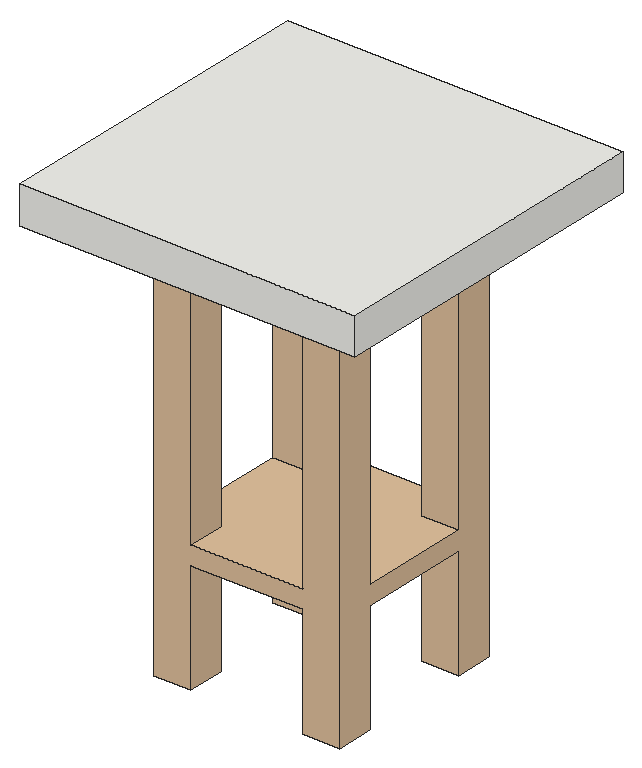
Revit family
Parameters (values of type "0457 x 0457 x 0610mm")
  Base Material = Wood - Birch
  Depth = 457.00 mm
  Height = 610.00 mm
  Top Material = Laminate - Ivory, Matte
  Width = 457.00 mm
Types (3, lengths in mm): name | Depth | Height | Width
  (no name) | 457.00 | 610.00 | 457.00
  0610 x 0610 x 0762mm | 610.00 | 762.00 | 610.00
  0457 x 0457 x 0610mm | 457.00 | 610.00 | 457.00
Reference planes
  plane 1: y = 0
  plane 2: z = 0
  plane 3: x = 3.734
  plane 4: x = 460.734
  plane 5: y = 457
  plane 6: y = 228.5
  plane 7: x = 232.234
  plane 8: z = 610
  plane 9: z = 559.2
Forms (mm)
  Extrusion 1, solid, material "Laminate - Ivory, Matte" <- "Top Material"
    sketch origin (0, 0, 0) x (1, 0, 0) y (0, 1, 0)
      loop
        line (3.734, 0) -> (460.734, 0) -> (460.734, 457) -> (3.734, 457) -> (3.734, 0)
    from 559.2 to 610
  Extrusion 2, solid, material "Wood - Birch" <- "Base Material"
    sketch origin (0, 0, 0) x (1, 0, 0) y (0, 1, 0)
      loop
        line (105.334, 355.4) -> (105.334, 304.6) -> (156.134, 304.6) -> (156.134, 355.4) -> (105.334, 355.4)
      loop
        line (105.334, 152.4) -> (105.334, 101.6) -> (156.134, 101.6) -> (156.134, 152.4) -> (105.334, 152.4)
      loop
        line (308.334, 355.4) -> (308.334, 304.6) -> (359.134, 304.6) -> (359.134, 355.4) -> (308.334, 355.4)
      loop
        line (308.334, 152.4) -> (308.334, 101.6) -> (359.134, 101.6) -> (359.134, 152.4) -> (308.334, 152.4)
    from 0 to 559.2
  Extrusion 3, solid, material "Wood - Birch" <- "Base Material"
    sketch origin (0, 0, 0) x (1, 0, 0) y (0, 1, 0)
      loop
        line (308.334, 355.4) -> (156.134, 355.4) -> (156.134, 304.6) -> (105.334, 304.6) -> (105.334, 152.4) -> (156.134, 152.4) -> (156.134, 101.6) -> (308.334, 101.6) -> (308.334, 152.4) -> (359.134, 152.4) -> (359.134, 304.6) -> (308.334, 304.6) -> (308.334, 355.4)
    from 152.4 to 177.8
Cuts and joins
  joined: Extrusion 2, Extrusion 3
Lines and regions (mm)
  Masking region 1
    outline origin (0, 0, 0) x (1, 0, 0) y (0, 1, 0)
      loop
        line (3.734, 457) -> (3.734, 0) -> (460.734, 0) -> (460.734, 457) -> (3.734, 457)
Dimensions and locks
  locked: Extrusion 1 to Extrusion 1 at 50.8
  locked: Extrusion 1 to Extrusion 2 sketch curve at 101.6  (x4)
  locked: Extrusion 2 sketch curve to Extrusion 1 at 101.6  (x4)
  locked: Extrusion 2 sketch curve to Extrusion 2 sketch curve at 50.8  (x8)
  "Width": plane 3 to plane 4
  "Depth": plane 5 to plane 1
  equal spacing: plane 3, plane 7, plane 4
  equal spacing: plane 5, plane 6, plane 1
  "Height": plane 8 to plane 2
  locked: plane 8 to plane 9 at 50.8
  aligned and locked: plane 1 to Extrusion 1 sketch curve
  aligned and locked: level to plane 2
  aligned and locked: Extrusion 3 sketch curve to Extrusion 2  (x3)
  aligned and locked: Extrusion 2 to Extrusion 3 sketch curve  (x2)
  aligned and locked: plane 8 to Extrusion 1
  aligned and locked: plane 9 to Extrusion 2
  aligned and locked: Masking region 1 sketch curve to plane 5
  aligned and locked: Masking region 1 sketch curve to plane 1
  aligned and locked: plane 4 to Masking region 1 sketch curve
  aligned and locked: Masking region 1 sketch curve to plane 3
Automatic sketch dimensions
  Extrusion 1 sketch curve to plane 3 = 0.00 mm
  plane 3 to Extrusion 3 sketch curve = 101.60 mm
  Extrusion 3 sketch curve to Extrusion 3 sketch curve = 50.80 mm  (x4)
  Extrusion 3 sketch curve to plane 1 = 101.60 mm
  plane 4 to Extrusion 3 sketch curve = 152.40 mm
  Extrusion 1 sketch curve to plane 4 = 0.00 mm
  Extrusion 1 sketch curve to plane 5 = 0.00 mm
